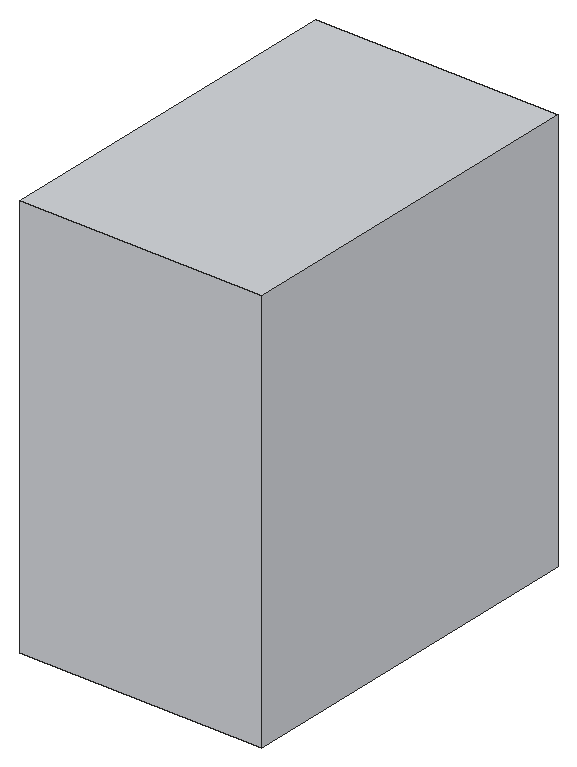
Revit family
Parameters
  Warranty Duration (Years) = 0
  Unit Width [instance] = 1' - 5 1/4"
  Unit Height [instance] = 4' - 8"
  Unit Depth = 0' - 0 1/4"
  URL = "http://www.americanspecialties.com/viewCategories.cfm"
  Trim Material = Metal - Stainless Steel
  Test Data = ""
  Specification = "http://www.arcat.com/sdspecs/htm/10810asi.htm"
  SpecWizard = ""
  Send Message = "http://www.arcat.com/users.pl?action=UserEmail&company=American%20Specialties,%20Inc.&coid=30448&rep=139&fax=914-476-0688&mf="
  Sales Information = "http://www.americanspecialties.com/contact"
  Revision = "R1_10-2010"
  Product Properties = "http://www.americanspecialties.com/datasheets/0469.pdf"
  Product Data = "http://www.arcat.com/arcatcos/cos30/arc30448.html"
  Model = "As Specified in 10 28 13"
  Manufacturer Website = "http://www.americanspecialties.com/viewCategories.cfm"
  Manufacturer Phone - Toll Free = ""
  Manufacturer Phone = "914-476-9000 "
  Manufacturer Fax = "914-476-0688"
  Manufacturer Address = "441 Saw Mill River Rd., Yonkers, NY 10701"
  Manufacturer = "American Specialties, Inc."
  Maintenance Schedule (Months) = 0
  Keynote = "10 28 13"
  Installation-Fabrication = "http://www.americanspecialties.com/products.cfm"
  Green Building-LEED = ""
  Expected Lifespan (Years) = 0
  Drawn By = "Robert S. Weygant. CSI, CDT, SCIP"  # constant formula
  Description = "Toilet Accessory as Specified in 10 28 13"
  Default Elevation = 4' - 0"
  Copyright = "©Arcat Inc."
  Construction Details = "http://www.arcat.com/green/clients/leed_data_30448.html"
  Building Codes = "http://www.americanspecialties.com/products.cfm"
  Body Material = Metal - Stainless Steel
  Assembly Code = "C1030210"
Reference planes (in)
  plane 1 "Center (Front/Back)": y = -0.29112
  plane 2 "Floor Line": z = 0
  plane 3 "Center (Left/Right)": x = -0.65843
Forms (in)
  Extrusion 1, solid
    sketch origin (-3, -9, -6) x (0, 0, -1) y (1, 0, 0)
      loop
        line (-82, 26) -> (-82, -19.34712) -> (-6, -19.34712) -> (-6, 26) -> (-82, 26)
    from 28.29112 to -41.06337
  Extrusion 2, solid, material "Metal - Stainless Steel" <- "Body Material"
    sketch origin (0, 4, 0) x (1, 0, 0) y (0, 1, 0)
      loop
        line (-8.28343, 22.70888) -> (-8.28343, -31.29112) -> (6.96657, -31.29112) -> (6.96657, 22.70888) -> (-8.28343, 22.70888)
    from 0 to -4
  Extrusion 3, solid, material "Metal - Stainless Steel" <- "Body Material"
    sketch origin (-0.90625, -0.29112, 0) x (1, 0, 0) y (0, 0, 1)
      loop
        line (-8.37718, 0) -> (8.87282, 0) -> (8.87282, 0.5) -> (-8.37718, 0.5) -> (-8.37718, 0)
    from -28 to 28
  Extrusion 4, void
    sketch origin (-0.65843, 6.99967, 0) x (0, 1, 0) y (0, 0, 1)
      loop
        line (0.06233, -3.92367) -> (2.70888, 0) -> (2.70888, 0.9375) -> (-11.29079, 0.9375) -> (-11.29079, -3.92367)
        arc (-11.29079, -3.92367) -> (-10.04971, -3.43623) -> (-8.80863, -3.92367) r 1.82368
        line (-8.80863, -3.92367) -> (0.06233, -3.92367)
    from -7.59375 to 7.59375
  Extrusion 5, void
    sketch origin (-36.75, 1.71773, 4.52368) x (1, 0, 0) y (0, 0.559193, 0.829038)
      loop
        arc (36.9789, -1.93171) -> (37.15918, -1.6799) -> (36.96663, -1.43734) r 0.25717
        line (36.96663, -1.43734) -> (36.21387, -1.43734)
        arc (36.21387, -1.43734) -> (33.33353, -0.76588) -> (30.45405, -1.44101) r 6.49582
        line (30.45405, -1.44101) -> (29.69611, -1.44101)
        arc (29.69611, -1.44101) -> (29.51617, -1.68772) -> (29.69972, -1.93175) r 0.25651
        line (29.69972, -1.93175) -> (30.47907, -1.93175)
        arc (30.47907, -1.93175) -> (33.3416, -2.19917) -> (36.20414, -1.93171) r 15.453
        line (36.20414, -1.93171) -> (36.9789, -1.93171)
    from -9.32112 to -9.1543
  Extrusion 6, solid, material "Metal - Stainless Steel" <- "Trim Material"
    sketch origin (-1.125, 0, -0.4375) x (1, 0, 0) y (0, 1, 0)
      loop
        circle (-5.15843, 17.70888) r 0.5
      loop
        line (-5.21525, 17.29024) -> (-5.10162, 17.29024) -> (-5.10162, 18.13975) -> (-5.21525, 18.13975) -> (-5.21525, 17.29024)
    from 0.9375 to 1
  Extrusion 7, solid, material "Metal - Stainless Steel" <- "Body Material"
    sketch origin (0, 0, 0) x (1, 0, 0) y (0, 1, 0)
      loop
        line (-8.28343, 26.70888) -> (-8.28343, 9.70856) -> (6.96657, 9.70856) -> (6.96657, 26.70888) -> (-8.28343, 26.70888)
    from 0 to 0.5
  Extrusion 8, solid, material "Metal - Stainless Steel" <- "Body Material"
    sketch origin (0, 4, 4.5) x (1, 0, 0) y (0, 1, 0)
      loop
        line (-8.28343, -8.29112) -> (-8.28343, -31.29112) -> (6.96657, -31.29112) -> (6.96657, -8.29112) -> (-8.28343, -8.29112)
    from 0 to -8.5
  Extrusion 9, void
    sketch origin (0, 0, 0) x (1, 0, 0) y (0, 1, 0)
      loop
        line (-8.25218, -4.29112) -> (-8.25218, -27.26063) -> (6.93532, -27.26063) -> (6.93532, -4.29112) -> (-8.25218, -4.29112)
    from -3.92367 to 4.4814
  Extrusion 10, solid
    sketch origin (0, -0.31703, 0.18195) x (1, 0, 0) y (0, 1, 0)
      loop
        circle (-0.65843, -2.73301) r 0.5
      loop
        line (-0.71525, -2.31436) -> (-0.71525, -3.16387) -> (-0.60162, -3.16387) -> (-0.60162, -2.31436) -> (-0.71525, -2.31436)
    from -3.73508 to -3.41965
  Extrusion 11, void
    sketch origin (0, 0, 0) x (1, 0, 0) y (0, 1, 0)
      loop
        line (-8.28343, 26.70888) -> (-8.28343, -27.26063) -> (6.93532, -27.26063) -> (6.93532, 26.70888) -> (-8.28343, 26.70888)
    from 0 to -4
Cuts and joins
  Extrusion 4, Extrusion 5, Extrusion 9 cuts Extrusion 2
  Extrusion 4, Extrusion 9 cuts Extrusion 3
  Extrusion 9 cuts Extrusion 6
  Extrusion 9 cuts Extrusion 8
Dimensions and locks (in)
  Extrusion 3 sketch curve to Extrusion 3 sketch curve = 1' - 5 1/4"
  aligned and locked: Extrusion 1 to level
  aligned and locked: cut or joined group of Extrusion 2, Extrusion 4, Extrusion 5, Extrusion 9 to cut or joined group of Extrusion 3, Extrusion 4, Extrusion 9
  aligned and locked: Extrusion 6 to cut or joined group of Extrusion 3, Extrusion 4, Extrusion 9
  aligned and locked: cut or joined group of Extrusion 3, Extrusion 4, Extrusion 9 to Extrusion 7
